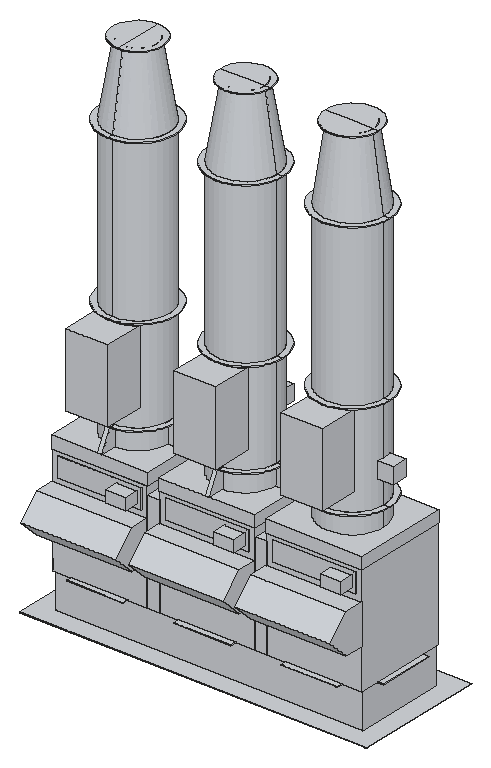
Revit family "TCNHBLE_with_1X3_Mixing_Box", category Mechanical Equipment, Revit 2019
Family settings
  Round Connector Dimension = Use Diameter
  Part Type = Normal
  Work Plane-Based = No
  Always vertical = Yes
  Cut with Voids When Loaded = No
  Shared = No
  Room Calculation Point = No
Parameters (values of type "100_TCNHBLE_1x3")
  Unit Weight [instance] = ""
  TYPE = 24"  # constant formula
  TRIPLE = 78 1/2"
  Sones [instance] = ""
  SIDES [instance] = TYPE = 24"  # yes
  RO/2 = RO / 2  # 8 13/32"
  RO = 16 13/16"
  Nozzle [instance] = ""
  Motor RPM [instance] = ""
  Motor Enclosure [instance] = ""
  ModelID [instance] = ""
  MIXING_BOX_HEIGHT-2.875" = MIXING_BOX_HEIGHT - 2 7/8"  # 27 5/8"
  MIXING_BOX_HEIGHT+1'4" = MIXING_BOX_HEIGHT + 16"  # 46 1/2"
  MIXING_BOX_HEIGHT+1' = MIXING_BOX_HEIGHT + 12"  # 42 1/2"
  MIXING_BOX_HEIGHT+.125" = MIXING_BOX_HEIGHT + 1/8"  # 30 5/8"
  MIXING_BOX_HEIGHT = 30 1/2"
  MB/2 = MIXING_BOX_HEIGHT / 2  # 15 1/4"
  LwA [instance] = ""
  LONG_RO/2 = LONG_RO / 2  # 35 23/32"
  LONG_RO = 71 7/16"
  LONG_CURB = 77 11/16"
  GA = 27/256"
  Fan RPM [instance] = ""
  FAN_RAD+4" = FAN_RAD + 4"  # 12"
  FAN_RAD*.8 = FAN_RAD * 0.6  # 4.8"
  FAN_RAD*.33 = FAN_RAD * 0.66  # 5.28"
  FAN_RAD = FAN_DIA / 2  # 8"
  FAN_DIA-(C/2) = FAN_DIA - (C / 2)  # 4"
  FAN_DIA = 16"
  ENDS [instance] = TYPE = 12"  # no
  CURB_HEIGHT [instance] = 12"
  CURB [instance] = yes
  C+.25" = C + 1/4"  # 24 1/4"
  DUAL_F/2 = DUAL_F / 2  # 25 1/2"
  DUAL_F+.5" = DUAL_F + 1/2"  # 51 1/2"
  DUAL_F = 51"
  D = 34"
  C = 24"
  F-1" = F - 1"  # 19"
  F = 20"
  C/2 = E / 2  # 30"
  E = 60"
  Bypass Damper Actuator = ""
  B/2 = B / 2  # 11 17/32"
  B = 23 1/16"
  Accessories [instance] = ""
  A-C-D = A - E - F + 1"  # 41"
  A = 120"
  5" = 5"  # constant formula
  3.125" = 3 1/8"  # constant formula
  3" = 3"  # constant formula
  Brake Hp [instance] = ""
  4" = 4"  # constant formula
  2' = 24"
  2" = 2"  # constant formula
  135 = 135.00°
  1" = 1"  # constant formula
  0 = 0"  # constant formula
  Voltage [instance] = 0 V
  URL = "www.lorencook.com"
  Type Comments = "Tubular Centrifugal Inline Upblast Roof Mounted Arrangement 9 With 1X3 Mixing Box"  # constant formula
  Static Pressure [instance] = 0.00 in-wg
  Power [instance] = Voltage * Motor FLA * sqrt(if(Phase = 3, 3, 1))  # 0 VA
  Phase [instance] = 0
  Number of Poles [instance] = 1
  Motor Hp [instance] = "0"
  Motor FLA [instance] = 0 A
  Model = "TCNHBLE-1X3_Mixing Box"  # constant formula
  Manufacturer = "Loren Cook Company"
  CFM [instance] = 0 CFM
  1.5 = 1 1/2"  # constant formula
  ONE EIGTH = 1/8"  # constant formula
  -C = -C  # -24"
  -B/2 = -B / 2  # -11 17/32"
  -B = -B  # -23 1/16"
  (C/2)-.5" = (-C / 2) - 1/2"  # -12 1/2"
  (C/2)+.5" = (-C / 2) + 1/2"  # -11 1/2"
  (C/2)+.125" = (C / 2) + 1/8"  # 12 1/8"
  -((E - MIXING_BOX_HEIGHT - 0'  5") * 0.8) = -((E - MIXING_BOX_HEIGHT - 5") * 0.8)  # -19.6"
  ((E - MIXING_BOX_HEIGHT - 0'  5") * 0.8) = ((E - MIXING_BOX_HEIGHT - 5") * 0.8)  # 19.6"
Types (18): name | TRIPLE | RO/2 | RO | MIXING_BOX_HEIGHT-2.875" | MIXING_BOX_HEIGHT+1'4" | MIXING_BOX_HEIGHT+1' | MIXING_BOX_HEIGHT+.125" | MIXING_BOX_HEIGHT | MB/2 | LONG_RO/2 | LONG_RO | LONG_CURB | GA | FAN_RAD+4" | FAN_RAD*.8 | FAN_RAD*.33 | FAN_RAD | FAN_DIA-(C/2) | FAN_DIA | C+.25" | DUAL_F/2 | DUAL_F+.5" | DUAL_F | D | C | F-1" | F | C/2 | E | B/2 | B | A-C-D | A | -C | -B/2 | -B | (C/2)-.5" | (C/2)+.5" | (C/2)+.125" | -((E - MIXING_BOX_HEIGHT - 0'  5") * 0.8) | ((E - MIXING_BOX_HEIGHT - 0'  5") * 0.8)
  (no name) | 78 1/2" | 8 13/32" | 16 13/16" | 27 5/8" | 46 1/2" | 42 1/2" | 30 5/8" | 30 1/2" | 15 1/4" | 35 23/32" | 71 7/16" | 77 11/16" | 27/256" | 12" | 4.8" | 5.28" | 8" | 4" | 16" | 24 1/4" | 25 1/2" | 51 1/2" | 51" | 34" | 24" | 19" | 20" | 30" | 60" | 11 17/32" | 23 1/16" | 41" | 120" | -24" | -11 17/32" | -23 1/16" | -12 1/2" | -11 1/2" | 12 1/8" | -19.6" | 19.6"
  100_TCNHBLE_1x3 | 78 1/2" | 8 13/32" | 16 13/16" | 27 5/8" | 46 1/2" | 42 1/2" | 30 5/8" | 30 1/2" | 15 1/4" | 35 23/32" | 71 7/16" | 77 11/16" | 27/256" | 12" | 4.8" | 5.28" | 8" | 4" | 16" | 24 1/4" | 25 1/2" | 51 1/2" | 51" | 34" | 24" | 19" | 20" | 30" | 60" | 11 17/32" | 23 1/16" | 41" | 120" | -24" | -11 17/32" | -23 1/16" | -12 1/2" | -11 1/2" | 12 1/8" | -19.6" | 19.6"
  120_TCNHBLE_1x3 | 90 1/2" | 10 13/32" | 20 13/16" | 28 5/8" | 47 1/2" | 43 1/2" | 31 5/8" | 31 1/2" | 15 3/4" | 41 23/32" | 83 7/16" | 89 11/16" | 27/256" | 13" | 5.4" | 5.94" | 9" | 4" | 18" | 28 1/4" | 29 1/2" | 59 1/2" | 59" | 38" | 28" | 21" | 22" | 31" | 62" | 13 17/32" | 27 1/16" | 37" | 120" | -28" | -13 17/32" | -27 1/16" | -14 1/2" | -13 1/2" | 14 1/8" | -20.4" | 20.4"
  135_TCNHBLE_1x3 | 96 1/2" | 11 3/8" | 22 3/4" | 28 7/8" | 47 3/4" | 43 3/4" | 31 7/8" | 31 3/4" | 15 7/8" | 44 11/16" | 89 3/8" | 95 5/8" | 27/256" | 14 1/2" | 6.3" | 6.93" | 10 1/2" | 6" | 21" | 30 1/4" | 31 1/2" | 63 1/2" | 63" | 40" | 30" | 25" | 26" | 31 1/2" | 63" | 14 1/2" | 29" | 32" | 120" | -30" | -14 1/2" | -29" | -15 1/2" | -14 1/2" | 15 1/8" | -21" | 21"
  150_TCNHBLE_1x3 | 102 1/2" | 12 3/8" | 24 3/4" | 29 5/8" | 48 1/2" | 44 1/2" | 32 5/8" | 32 1/2" | 16 1/4" | 47 11/16" | 95 3/8" | 101 5/8" | 27/256" | 16" | 7.2" | 7.92" | 12" | 8" | 24" | 32 1/4" | 33 1/2" | 67 1/2" | 67" | 42" | 32" | 28" | 29" | 33 1/2" | 67" | 15 1/2" | 31" | 25" | 120" | -32" | -15 1/2" | -31" | -16 1/2" | -15 1/2" | 16 1/8" | -23.6" | 23.6"
  165_TCNHBLE_1x3 | 108 1/2" | 13 3/8" | 26 3/4" | 31 1/8" | 50" | 46" | 34 1/8" | 34" | 17" | 50 11/16" | 101 3/8" | 107 5/8" | 27/256" | 17" | 7.8" | 8.58" | 13" | 9" | 26" | 34 1/4" | 35 1/2" | 71 1/2" | 71" | 46" | 34" | 29" | 30" | 35" | 70" | 16 1/2" | 33" | 21" | 120" | -34" | -16 1/2" | -33" | -17 1/2" | -16 1/2" | 17 1/8" | -24.8" | 24.8"
  180_TCNHBLE_1x3 | 120 1/2" | 15 5/16" | 30 5/8" | 32 1/8" | 51" | 47" | 35 1/8" | 35" | 17 1/2" | 56 5/8" | 113 1/4" | 119 1/2" | 27/256" | 18" | 8.4" | 9.24" | 14" | 9" | 28" | 38 1/4" | 39 1/2" | 79 1/2" | 79" | 50" | 38" | 34" | 35" | 36 1/2" | 73" | 18 7/16" | 36 7/8" | 13" | 120" | -38" | -18 7/16" | -36 7/8" | -19 1/2" | -18 1/2" | 19 1/8" | -26.4" | 26.4"
  195_TCNHBLE_1X3 | 132 1/2" | 17 11/32" | 34 11/16" | 32 7/8" | 51 3/4" | 47 3/4" | 35 7/8" | 35 3/4" | 17 7/8" | 62 5/8" | 125 1/4" | 131 1/2" | 27/256" | 19 1/2" | 9.3" | 10.23" | 15 1/2" | 10" | 31" | 42 1/4" | 43 1/2" | 87 1/2" | 87" | 54" | 42" | 38" | 39" | 38" | 76" | 20 7/16" | 40 7/8" | 6" | 120" | -42" | -20 7/16" | -40 7/8" | -21 1/2" | -20 1/2" | 21 1/8" | -28.2" | 28.2"
  210_TCNHBLE_1x3 | 138 1/2" | 18 11/32" | 36 11/16" | 31 5/8" | 50 1/2" | 46 1/2" | 34 5/8" | 34 1/2" | 17 1/4" | 65 5/8" | 131 1/4" | 137 1/2" | 27/256" | 21" | 10.2" | 11.22" | 17" | 12" | 34" | 44 1/4" | 45 1/2" | 91 1/2" | 91" | 56" | 44" | 41" | 42" | 38" | 76" | 21 7/16" | 42 7/8" | 7" | 124" | -44" | -21 7/16" | -42 7/8" | -22 1/2" | -21 1/2" | 22 1/8" | -29.2" | 29.2"
  225_TCNHBLE_1x3 | 150 1/2" | 20 11/32" | 40 11/16" | 32 3/8" | 51 1/4" | 47 1/4" | 35 3/8" | 35 1/4" | 17 5/8" | 71 5/8" | 143 1/4" | 149 1/2" | 27/256" | 22" | 10.8" | 11.88" | 18" | 12" | 36" | 48 1/4" | 49 1/2" | 99 1/2" | 99" | 60" | 48" | 43" | 44" | 39" | 78" | 23 7/16" | 46 7/8" | 1/2" | 121 1/2" | -48" | -23 7/16" | -46 7/8" | -24 1/2" | -23 1/2" | 24 1/8" | -30.2" | 30.2"
  245_TCNHBLE_1x3 | 156 1/2" | 21 11/32" | 42 11/16" | 34 5/8" | 53 1/2" | 49 1/2" | 37 5/8" | 37 1/2" | 18 3/4" | 74 5/8" | 149 1/4" | 155 1/2" | 27/256" | 24" | 12" | 13.2" | 20" | 15" | 40" | 50 1/4" | 51 1/2" | 103 1/2" | 103" | 63" | 50" | 49" | 50" | 42 1/2" | 85" | 24 7/16" | 48 7/8" | 1" | 135" | -50" | -24 7/16" | -48 7/8" | -25 1/2" | -24 1/2" | 25 1/8" | -34" | 34"
  270_TCNHBLE_1x3 | 168 1/2" | 23 11/32" | 46 11/16" | 34 5/8" | 53 1/2" | 49 1/2" | 37 5/8" | 37 1/2" | 18 3/4" | 80 5/8" | 161 1/4" | 167 1/2" | 27/256" | 26" | 13.2" | 14.52" | 22" | 17" | 44" | 54 1/4" | 55 1/2" | 111 1/2" | 111" | 67" | 54" | 55" | 56" | 45 1/2" | 91" | 26 7/16" | 52 7/8" | 3/4" | 146 3/4" | -54" | -26 7/16" | -52 7/8" | -27 1/2" | -26 1/2" | 27 1/8" | -38.8" | 38.8"
  300_TCNHBLE_1x3 | 186 1/2" | 26 11/32" | 52 11/16" | 35 3/8" | 54 1/4" | 50 1/4" | 38 3/8" | 38 1/4" | 19 1/8" | 89 5/8" | 179 1/4" | 185 1/2" | 27/256" | 28" | 14.4" | 15.84" | 24" | 18" | 48" | 60 1/4" | 61 1/2" | 123 1/2" | 123" | 74" | 60" | 59" | 60" | 46 1/2" | 93" | 29 7/16" | 58 7/8" | 1" | 153" | -60" | -29 7/16" | -58 7/8" | -30 1/2" | -29 1/2" | 30 1/8" | -39.8" | 39.8"
  330_TCNHBLE_1x3 | 192 1/2" | 27 9/32" | 54 9/16" | 38 5/8" | 57 1/2" | 53 1/2" | 41 5/8" | 41 1/2" | 20 3/4" | 92 9/16" | 185 1/8" | 191 3/8" | 27/256" | 30" | 15.6" | 17.16" | 26" | 21" | 52" | 62 1/4" | 63 1/2" | 127 1/2" | 127" | 77" | 62" | 63" | 64" | 50" | 100" | 30 3/8" | 60 3/4" | 1 1/4" | 164 1/4" | -62" | -30 3/8" | -60 3/4" | -31 1/2" | -30 1/2" | 31 1/8" | -42.8" | 42.8"
  365_TCNHBLE_1x3 | 201 1/2" | 28 25/32" | 57 9/16" | 41 3/8" | 60 1/4" | 56 1/4" | 44 3/8" | 44 1/4" | 22 1/8" | 97 1/16" | 194 1/8" | 200 3/8" | 27/256" | 31" | 16.2" | 17.82" | 27" | 21 1/2" | 54" | 65 1/4" | 66 1/2" | 133 1/2" | 133" | 82" | 65" | 64" | 65" | 52 1/2" | 105" | 31 7/8" | 63 3/4" | 1" | 170" | -65" | -31 7/8" | -63 3/4" | -33" | -32" | 32 5/8" | -44.6" | 44.6"
  402_TCNHBLE_1x3 | 222 1/2" | 32 9/32" | 64 9/16" | 43 5/8" | 62 1/2" | 58 1/2" | 46 5/8" | 46 1/2" | 23 1/4" | 107 9/16" | 215 1/8" | 221 3/8" | 27/256" | 34" | 18" | 19.8" | 30" | 24" | 60" | 72 1/4" | 73 1/2" | 147 1/2" | 147" | 90" | 72" | 71" | 72" | 56 1/2" | 113" | 35 3/8" | 70 3/4" | 3/4" | 184 3/4" | -72" | -35 3/8" | -70 3/4" | -36 1/2" | -35 1/2" | 36 1/8" | -49.2" | 49.2"
  445_TCNHBLE_1x3 | 237 1/2" | 34 25/32" | 69 9/16" | 50 3/8" | 69 1/4" | 65 1/4" | 53 3/8" | 53 1/4" | 26 5/8" | 115 1/16" | 230 1/8" | 236 3/8" | 27/256" | 37" | 19.8" | 21.78" | 33" | 27 1/2" | 66" | 77 1/4" | 78 1/2" | 157 1/2" | 157" | 98" | 77" | 79" | 80" | 63" | 126" | 37 7/8" | 75 3/4" | 1" | 206" | -77" | -37 7/8" | -75 3/4" | -39" | -38" | 38 5/8" | -54.2" | 54.2"
  490_TCNHBLE_1x3 | 258 1/2" | 38 1/4" | 76 1/2" | 56 3/8" | 75 1/4" | 71 1/4" | 59 3/8" | 59 1/4" | 29 5/8" | 125 9/16" | 251 1/8" | 257 3/8" | 17/128" | 40 1/2" | 21.9" | 24.09" | 36 1/2" | 31" | 73" | 84 1/4" | 85 1/2" | 171 1/2" | 171" | 108" | 84" | 86" | 87" | 69 1/2" | 139" | 41 3/8" | 82 3/4" | 1/2" | 225 1/2" | -84" | -41 3/8" | -82 3/4" | -42 1/2" | -41 1/2" | 42 1/8" | -59.8" | 59.8"
Reference planes (in)
  plane 1 "Center (Front/Back)": y = 0
  plane 2: z = 0
  plane 3 "Center (Left/Right)": x = 0.40541
Forms (in)
  Extrusion 1, solid
    sketch origin (0, 0, 0) x (1, 0, 0) y (0, 1, 0)
      loop
        line (-11.71959, 12.125) -> (-11.71959, -12.125) -> (12.53041, -12.125) -> (12.53041, 12.125) -> (-11.71959, 12.125)
      loop
        line (15.53041, 12.125) -> (15.53041, -12.125) -> (39.78041, -12.125) -> (39.78041, 12.125) -> (15.53041, 12.125)
      loop
        line (42.53041, 12.125) -> (42.53041, -12.125) -> (66.78041, -12.125) -> (66.78041, 12.125) -> (42.53041, 12.125)
    from 30.625 <- "MIXING_BOX_HEIGHT+.125"" to 27.625 <- "MIXING_BOX_HEIGHT-2.875""
  Extrusion 2, solid
    sketch origin (0, 0, 30.625) x (1, 0, 0) y (0, 1, 0)
      loop
        circle (0.40541, 0) r 8
      loop
        circle (27.65541, 0) r 8
      loop
        circle (54.65541, 0) r 8
    from 5 to 0
  Extrusion 3, solid
    sketch origin (0, 0, 0) x (1, 0, 0) y (0, 0, 1)
      loop
        line (-11.71959, 30.625) -> (-7.59459, 30.625) -> (-7.59459, 35.625) -> (-9.09459, 35.625) -> (-11.71959, 30.625)
      loop
        line (12.53041, 30.625) -> (9.90541, 35.625) -> (8.40541, 35.625) -> (8.40541, 30.625) -> (12.53041, 30.625)
    from -0.5 to 0.5
  Extrusion 4, solid
    sketch origin (0.40541, 0, 0) x (0, 1, 0) y (0, 0, 1)
      loop
        line (12.125, 30.625) -> (9.5, 35.625) -> (8, 35.625) -> (8, 30.625) -> (12.125, 30.625)
      loop
        line (-12.125, 30.625) -> (-8, 30.625) -> (-8, 35.625) -> (-9.5, 35.625) -> (-12.125, 30.625)
    from -0.5 to 0.5
  Revolve 5, solid
    sketch origin (0.40541, 0, 0) x (0, 1, 0) y (0, 0, 1)
      loop
        line (0, 35.625) -> (0, 120) -> (-6.3, 120) -> (-6.3, 119.875) -> (-4.8, 119.875) -> (-8, 101.125) -> (-9.5, 101.125) -> (-9.5, 101) -> (-8, 101) -> (-8, 60) -> (-9.5, 60) -> (-9.5, 59.875) -> (-8, 59.875) -> (-8, 35.75) -> (-9.5, 35.75) -> (-9.5, 35.625) -> (0, 35.625)
      axis (0, 35.625) -> (0, 120)
    angle from 0 to 360
  Extrusion 6, solid
    sketch origin (0, 0, 0) x (1, 0, 0) y (0, 1, 0)
      loop
        line (-11.59459, 12) -> (-11.59459, -12) -> (12.40541, -12) -> (12.40541, 12) -> (-11.59459, 12)
      loop
        line (15.65541, 12) -> (15.65541, -12) -> (39.65541, -12) -> (39.65541, 12) -> (15.65541, 12)
      loop
        line (42.65541, 12) -> (42.65541, -12) -> (66.65541, -12) -> (66.65541, 12) -> (42.65541, 12)
    from 27.625 <- "MIXING_BOX_HEIGHT-2.875"" to 0
  Extrusion 7, void
    sketch origin (0, 0, 0) x (1, 0, 0) y (0, 1, 0)
      loop
        line (-11.46959, 11.875) -> (-11.46959, -11.875) -> (12.28041, -11.875) -> (12.28041, 11.875) -> (-11.46959, 11.875)
      loop
        line (15.78041, 11.875) -> (15.78041, -11.875) -> (39.53041, -11.875) -> (39.53041, 11.875) -> (15.78041, 11.875)
      loop
        line (42.78041, 11.875) -> (42.78041, -11.875) -> (66.53041, -11.875) -> (66.53041, 11.875) -> (42.78041, 11.875)
    from 2.875 to 0
  Extrusion 8, solid
    sketch origin (0, 0, 0) x (1, 0, 0) y (0, 1, 0)
      loop
        line (-6.71959, 13.625) -> (-6.71959, 12.125) -> (7.53041, 12.125) -> (7.53041, 13.625) -> (-6.71959, 13.625)
      loop
        line (7.53041, -12) -> (-6.71959, -12) -> (-6.71959, -13.5) -> (7.53041, -13.5) -> (7.53041, -12)
      loop
        line (-11.59459, -7.125) -> (-11.59459, 7.125) -> (-13.09459, 7.125) -> (-13.09459, -7.125) -> (-11.59459, -7.125)
      loop
        line (20.53041, 13.625) -> (20.53041, 12.125) -> (34.78041, 12.125) -> (34.78041, 13.625) -> (20.53041, 13.625)
      loop
        line (34.78041, -12.125) -> (20.53041, -12.125) -> (20.53041, -13.625) -> (34.78041, -13.625) -> (34.78041, -12.125)
      loop
        line (47.53041, 13.625) -> (47.53041, 12.125) -> (61.78041, 12.125) -> (61.78041, 13.625) -> (47.53041, 13.625)
      loop
        line (47.53041, -12.125) -> (47.53041, -13.625) -> (61.78041, -13.625) -> (61.78041, -12.125) -> (47.53041, -12.125)
      loop
        line (66.78041, -7.125) -> (68.28041, -7.125) -> (68.28041, 7.125) -> (66.78041, 7.125) -> (66.78041, -7.125)
    from 0 to 0.125
  Revolve 9, solid
    sketch origin (0, 0, 0) x (1, 0, 0) y (0, 0, 1)
      loop
        line (27.65541, 35.625) -> (37.15541, 35.625) -> (37.15541, 35.75) -> (35.65541, 35.75) -> (35.65541, 59.875) -> (37.15541, 59.875) -> (37.15541, 60) -> (35.65541, 60) -> (35.65541, 101) -> (37.15541, 101) -> (37.15541, 101.125) -> (35.65541, 101.125) -> (32.45541, 119.875) -> (33.95541, 119.875) -> (33.95541, 120) -> (27.65541, 120) -> (27.65541, 35.625)
      axis (27.65541, 120) -> (27.65541, 35.625)
    angle from 0 to 360
  Extrusion 10, solid
    sketch origin (0, 0, 0) x (1, 0, 0) y (0, 0, 1)
      loop
        line (15.53041, 30.625) -> (19.65541, 30.625) -> (19.65541, 35.625) -> (18.15541, 35.625) -> (15.53041, 30.625)
      loop
        line (35.65541, 30.625) -> (39.78041, 30.625) -> (37.15541, 35.625) -> (35.65541, 35.625) -> (35.65541, 30.625)
    from -0.5 to 0.5
  Extrusion 11, solid
    sketch origin (39.78041, 12.125, 0) x (0, -1, 0) y (0, 0, -1)
      loop
        line (24.25, -30.625) -> (20.125, -30.625) -> (20.125, -35.625) -> (21.625, -35.625) -> (24.25, -30.625)
      loop
        line (0, -30.625) -> (2.625, -35.625) -> (4.125, -35.625) -> (4.125, -30.625) -> (0, -30.625)
    from -11.5 <- "(C/2)+.5"" to -12.5 <- "(C/2)-.5""
  Extrusion 12, solid
    sketch origin (39.65541, -12, 0) x (-1, 0, 0) y (0, 0, -1)
      loop
        line (27.25, -25.625) -> (27.25, 0) -> (24, 0) -> (24, -25.625) -> (27.25, -25.625)
      loop
        line (0, -25.625) -> (0, 0) -> (-3, 0) -> (-3, -25.625) -> (0, -25.625)
    from -24 <- "-C" to 0
  Extrusion 13, void
    sketch origin (0, 0, 0) x (1, 0, 0) y (0, 1, 0)
      loop
        line (11.40541, 8.875) -> (16.65541, 8.875) -> (16.65541, 11.875) -> (11.40541, 11.875) -> (11.40541, 8.875)
      loop
        line (11.40541, -8.875) -> (11.40541, -11.875) -> (16.65541, -11.875) -> (16.65541, -8.875) -> (11.40541, -8.875)
    from 2.875 to 0
  Extrusion 14, solid, visible <- "SIDES"
    sketch origin (0.40541, 0, 59.875) x (-1, 0, 0) y (0, 1, 0)
      loop
        line (-5.28, -6.01012) -> (-5.28, -16) -> (5.28, -16) -> (5.28, -6.01012)
        arc (5.28, -6.01012) -> (0, -8) -> (-5.28, -6.01012) r 8
      loop
        line (-32.53, -6.01012) -> (-32.53, -16) -> (-21.97, -16) -> (-21.97, -6.01012)
        arc (-21.97, -6.01012) -> (-27.25, -8) -> (-32.53, -6.01012) r 8
      loop
        arc (-48.97, -6.01012) -> (-54.25, -8) -> (-59.53, -6.01012) r 8
        line (-59.53, -6.01012) -> (-59.53, -16) -> (-48.97, -16) -> (-48.97, -6.01012)
    from 19.6 <- "((E - MIXING_BOX_HEIGHT - 0'  5") * 0.8)" to 1
  Extrusion 15, solid, visible <- "SIDES"
    sketch origin (-11.59459, -12, 0) x (0, 1, 0) y (0, 0, -1)
      loop
        line (0, -20.25) -> (0, -10.25) -> (-5, -10.25) -> (-10, -15.25) -> (-5, -20.25) -> (0, -20.25)
    from -24 <- "-C" to 0
  Extrusion 16, solid, visible <- "SIDES"
    sketch origin (39.65541, 12, 0) x (0, -1, 0) y (0, 0, -1)
      loop
        line (24, -20.25) -> (29, -20.25) -> (34, -15.25) -> (29, -10.25) -> (24, -10.25) -> (24, -20.25)
    from -24 <- "-C" to 0
  Revolve 17, solid
    sketch origin (0, 0, 0) x (1, 0, 0) y (0, 0, 1)
      loop
        line (54.65541, 35.625) -> (64.15541, 35.625) -> (64.15541, 35.75) -> (62.65541, 35.75) -> (62.65541, 59.75) -> (64.15541, 59.75) -> (64.15541, 59.875) -> (62.65541, 59.875) -> (62.65541, 101) -> (64.15541, 101) -> (64.15541, 101.125) -> (62.65541, 101.125) -> (59.93541, 119.875) -> (61.43541, 119.875) -> (61.43541, 120) -> (54.65541, 120) -> (54.65541, 35.625)
      axis (54.65541, 120) -> (54.65541, 35.625)
    angle from 0 to 360
  Extrusion 18, solid
    sketch origin (66.65541, 12, 0) x (0, -1, 0) y (0, 0, -1)
      loop
        line (24, -20.25) -> (29, -20.25) -> (34, -15.25) -> (29, -10.25) -> (24, -10.25) -> (24, -20.25)
    from -24 <- "-C" to 0
  Extrusion 19, void
    sketch origin (0, 0, 0) x (1, 0, 0) y (0, 1, 0)
      loop
        line (38.65541, 11.875) -> (38.65541, 9) -> (43.65541, 9) -> (43.65541, 11.875) -> (38.65541, 11.875)
      loop
        line (38.65541, -9) -> (38.65541, -11.875) -> (43.53041, -11.875) -> (43.53041, -9) -> (38.65541, -9)
    from 2.875 to 0
  Extrusion 20, solid
    sketch origin (66.65541, -12, 0) x (-1, 0, 0) y (0, 0, -1)
      loop
        line (22.5, -26.625) -> (22.5, -21.625) -> (1.5, -21.625) -> (1.5, -26.625) -> (22.5, -26.625)
      loop
        line (28.5, -26.625) -> (49.5, -26.625) -> (49.5, -21.625) -> (28.5, -21.625) -> (28.5, -26.625)
      loop
        line (55.75, -26.625) -> (76.75, -26.625) -> (76.75, -21.625) -> (55.75, -21.625) -> (55.75, -26.625)
    from 0.125 to 0
  Extrusion 21, solid
    sketch origin (66.65541, -12.125, 0) x (-1, 0, 0) y (0, 0, -1)
      loop
        line (61.75, -25.625) -> (61.75, -22.625) -> (56.75, -22.625) -> (56.75, -25.625) -> (61.75, -25.625)
      loop
        line (34.5, -22.625) -> (29.5, -22.625) -> (29.5, -25.625) -> (34.5, -25.625) -> (34.5, -22.625)
      loop
        line (7.5, -22.625) -> (2.5, -22.625) -> (2.5, -25.625) -> (7.5, -25.625) -> (7.5, -22.625)
    from 3.5 to 0
  Extrusion 22, solid
    sketch origin (0, 0, 0) x (1, 0, 0) y (0, 1, 0)
      loop
        line (-11.59459, 2) -> (-11.59459, -2) -> (-7.59459, -2) -> (-7.59459, 2) -> (-11.59459, 2)
      loop
        line (25.28041, 12) -> (25.28041, 8) -> (30.28041, 8) -> (30.28041, 12) -> (25.28041, 12)
      loop
        line (62.65541, 2) -> (62.65541, -2) -> (66.65541, -2) -> (66.65541, 2) -> (62.65541, 2)
    from 46.5 <- "MIXING_BOX_HEIGHT+1'4"" to 42.5 <- "MIXING_BOX_HEIGHT+1'"
  Extrusion 23, solid, visible <- "CURB"
    sketch origin (0, 0, 2.875) x (0, 1, 0) y (1, 0, 0)
      loop
        line (8.40625, -8.00084) -> (8.40625, 63.43666) -> (-8.40625, 63.43666) -> (-8.40625, -8.00084) -> (8.40625, -8.00084)
      loop
        line (-11.53125, 66.56166) -> (-11.53125, -11.12584) -> (11.53125, -11.12584) -> (11.53125, 66.56166) -> (-11.53125, 66.56166)
    from 0 to 12 <- "CURB_HEIGHT"
  Extrusion 24, solid, visible <- "CURB"
    sketch origin (0, 0, -9.125) x (-1, 0, 0) y (0, 1, 0)
      loop
        line (11.12584, -11.53125) -> (11.12584, 11.53125) -> (-66.56166, 11.53125) -> (-66.56166, -11.53125) -> (11.12584, -11.53125)
      loop
        line (-71.56166, 16.53125) -> (-71.56166, -16.53125) -> (16.12584, -16.53125) -> (16.12584, 16.53125) -> (-71.56166, 16.53125)
    from 0 to -0.125
Cuts and joins
  Extrusion 7, Extrusion 13, Extrusion 19 cuts Extrusion 6
  Extrusion 13, Extrusion 19 cuts Extrusion 8
  Extrusion 13, Extrusion 19 cuts Extrusion 12
Dimensions and locks (in)
  "(C/2)+.125"": Extrusion 1 sketch curve to plane 3 "Center (Left/Right)"
  "(C/2)+.125"": plane 3 "Center (Left/Right)" to Extrusion 1 sketch curve
  "(C/2)+.125"": plane 1 "Center (Front/Back)" to Extrusion 1 sketch curve  (x3)
  "(C/2)+.125"": Extrusion 1 sketch curve to plane 1 "Center (Front/Back)"  (x3)
  "0": plane 3 "Center (Left/Right)" to Extrusion 2 sketch curve
  "0": Extrusion 2 sketch curve to plane 1 "Center (Front/Back)"  (x2)
  "0": Extrusion 2 to Extrusion 3 sketch curve
  "0": Extrusion 3 sketch curve to Extrusion 2  (x3)
  "FAN_RAD": plane 1 "Center (Front/Back)" to Extrusion 4 sketch curve
  "FAN_RAD": Extrusion 4 sketch curve to plane 1 "Center (Front/Back)"
  "0": Revolve 5 sketch curve to Extrusion 2
  "ONE EIGTH": Revolve 5 sketch curve to Revolve 5 sketch curve  (x4)
  "F-1"": Revolve 5 sketch curve to Revolve 5 sketch curve
  "A": Revolve 5 sketch curve to level
  "E": Revolve 5 sketch curve to level
  "0": Revolve 5 sketch curve to Extrusion 4
  "0": Revolve 5 sketch curve to Revolve 5 sketch curve  (x3)
  "1.5": Revolve 5 sketch curve to Revolve 5 sketch curve  (x2)
  "FAN_RAD*.8": plane 1 "Center (Front/Back)" to Revolve 5 sketch curve
  "0": Revolve 5 sketch curve to plane 1 "Center (Front/Back)"
  "1.5": Extrusion 4 sketch curve to Extrusion 4 sketch curve  (x2)
  "1.5": Extrusion 3 sketch curve to Extrusion 3 sketch curve  (x2)
  "ONE EIGTH": Extrusion 6 sketch curve to Extrusion 1  (x8)
  "ONE EIGTH": Extrusion 1 to Extrusion 6 sketch curve  (x4)
  "0": Extrusion 3 sketch curve to Extrusion 1  (x2)
  "0": Extrusion 4 sketch curve to Extrusion 1  (x3)
  "0": Extrusion 1 to Extrusion 4 sketch curve
  Extrusion 4 sketch curve to Extrusion 1 = 5"
  "5"": Extrusion 4 sketch curve to Extrusion 1
  "ONE EIGTH": Extrusion 7 sketch curve to Extrusion 6  (x3)
  "ONE EIGTH": Extrusion 6 to Extrusion 7 sketch curve
  "1.5": Extrusion 8 sketch curve to Extrusion 8 sketch curve  (x8)
  "5"": Extrusion 1 to Extrusion 8 sketch curve  (x8)
  "5"": Extrusion 8 sketch curve to Extrusion 1  (x8)
  "0": Extrusion 8 sketch curve to cut or joined group of Extrusion 6, Extrusion 7, Extrusion 13, Extrusion 19  (x2)
  "0": Extrusion 8 sketch curve to Extrusion 1  (x4)
  "C+.25"": Extrusion 1 sketch curve to Extrusion 1 sketch curve  (x2)
  "DUAL_F+.5"": Extrusion 1 sketch curve to Extrusion 1 sketch curve
  "ONE EIGTH": cut or joined group of Extrusion 6, Extrusion 7, Extrusion 13, Extrusion 19 to Extrusion 7 sketch curve  (x5)
  "ONE EIGTH": Extrusion 7 sketch curve to cut or joined group of Extrusion 6, Extrusion 7, Extrusion 13, Extrusion 19  (x3)
  "(C/2)+.125"": Extrusion 1 to Extrusion 2 sketch curve  (x2)
  "(C/2)+.125"": Extrusion 1 to Revolve 9 sketch curve
  "(C/2)+.125"": Revolve 9 sketch curve to Extrusion 1
  "0": Revolve 9 sketch curve to Extrusion 2
  "ONE EIGTH": Revolve 9 sketch curve to Revolve 9 sketch curve  (x4)
  "FAN_RAD": Revolve 9 sketch curve to Revolve 9 sketch curve
  "1.5": Revolve 9 sketch curve to Revolve 9 sketch curve  (x4)
  "0": Revolve 9 sketch curve to Revolve 9 sketch curve  (x2)
  "0": Revolve 5 to Revolve 9 sketch curve  (x3)
  "FAN_RAD*.8": Revolve 9 sketch curve to Revolve 9 sketch curve
  "0": Extrusion 1 to Extrusion 8 sketch curve  (x2)
  "0": Extrusion 10 sketch curve to Extrusion 1  (x4)
  "0": Extrusion 10 sketch curve to Revolve 9  (x4)
  "1.5": Extrusion 10 sketch curve to Extrusion 10 sketch curve  (x2)
  "0": Extrusion 11 sketch curve to Extrusion 4  (x3)
  "0": Extrusion 1 to Extrusion 11 sketch curve  (x2)
  "0": Extrusion 4 to Extrusion 11 sketch curve
  "0": Revolve 9 to Extrusion 11 sketch curve
  "0": Extrusion 11 sketch curve to Revolve 9
  "0": cut or joined group of Extrusion 6, Extrusion 7, Extrusion 13, Extrusion 19 to Extrusion 12 sketch curve
  "0": Extrusion 12 sketch curve to cut or joined group of Extrusion 6, Extrusion 7, Extrusion 13, Extrusion 19  (x3)
  "2"": cut or joined group of Extrusion 6, Extrusion 7, Extrusion 13, Extrusion 19 to Extrusion 12 sketch curve
  "0": level to Extrusion 12 sketch curve
  "3"": Extrusion 13 sketch curve to Extrusion 13 sketch curve  (x2)
  "1"": cut or joined group of Extrusion 6, Extrusion 7, Extrusion 13, Extrusion 19 to Extrusion 13 sketch curve
  "1"": Extrusion 13 sketch curve to cut or joined group of Extrusion 6, Extrusion 7, Extrusion 13, Extrusion 19
  "0": Extrusion 13 sketch curve to Extrusion 13 sketch curve  (x2)
  "ONE EIGTH": Extrusion 12 to Extrusion 13 sketch curve  (x2)
  "0": Extrusion 14 sketch curve to plane 1 "Center (Front/Back)"  (x3)
  "0": Extrusion 14 sketch curve to plane 3 "Center (Left/Right)"
  "(C/2)+.125"": Extrusion 1 to Extrusion 14 sketch curve
  "FAN_RAD*.33": Extrusion 14 sketch curve to Extrusion 14 sketch curve  (x4)
  "FAN_RAD*.33": plane 3 "Center (Left/Right)" to Extrusion 14 sketch curve
  "FAN_RAD*.33": Extrusion 14 sketch curve to plane 3 "Center (Left/Right)"
  "FAN_DIA": Extrusion 14 sketch curve to plane 1 "Center (Front/Back)"  (x2)
  "D": cut or joined group of Extrusion 6, Extrusion 7, Extrusion 13, Extrusion 19 to Extrusion 15 sketch curve
  "0": cut or joined group of Extrusion 6, Extrusion 7, Extrusion 13, Extrusion 19 to Extrusion 15 sketch curve
  "MB/2": Extrusion 15 sketch curve to level
  "5"": Extrusion 15 sketch curve to Extrusion 15 sketch curve  (x2)
  "0": Extrusion 16 sketch curve to Extrusion 15  (x4)
  "0": Extrusion 16 sketch curve to cut or joined group of Extrusion 6, Extrusion 7, Extrusion 13, Extrusion 19
  "TRIPLE": Extrusion 1 sketch curve to Extrusion 1 sketch curve
  "0": plane 1 "Center (Front/Back)" to Extrusion 2 sketch curve
  "0": Extrusion 12 sketch curve to level
  "2"": Extrusion 1 to Extrusion 12 sketch curve
  "(C/2)+.125"": Extrusion 1 to Revolve 17 sketch curve  (x2)
  "FAN_RAD": Revolve 17 sketch curve to Revolve 17 sketch curve  (x2)
  "1.5": Revolve 17 sketch curve to Revolve 17 sketch curve  (x5)
  "FAN_RAD*.33": Revolve 17 sketch curve to Revolve 17 sketch curve
  "ONE EIGTH": Revolve 17 sketch curve to Revolve 17 sketch curve  (x4)
  "0": Revolve 9 to Revolve 17 sketch curve  (x2)
  "0": Revolve 17 sketch curve to Revolve 9
  "0": Revolve 17 sketch curve to Extrusion 2
  "(C/2)+.125"": Extrusion 14 sketch curve to Extrusion 1
  "FAN_DIA": Extrusion 14 sketch curve to Extrusion 14 sketch curve
  "0": Extrusion 18 sketch curve to Extrusion 16  (x4)
  "0": Extrusion 18 sketch curve to cut or joined group of Extrusion 6, Extrusion 7, Extrusion 13, Extrusion 19
  "ONE EIGTH": cut or joined group of Extrusion 12, Extrusion 13, Extrusion 19 to Extrusion 19 sketch curve  (x2)
  "1"": Extrusion 19 sketch curve to cut or joined group of Extrusion 6, Extrusion 7, Extrusion 13, Extrusion 19  (x2)
  "1"": cut or joined group of Extrusion 6, Extrusion 7, Extrusion 13, Extrusion 19 to Extrusion 19 sketch curve
  "3"": cut or joined group of Extrusion 12, Extrusion 13, Extrusion 19 to Extrusion 19 sketch curve  (x2)
  "1"": Extrusion 1 to Extrusion 19 sketch curve
  "5"": Extrusion 20 sketch curve to Extrusion 20 sketch curve  (x3)
  "1"": cut or joined group of Extrusion 6, Extrusion 7, Extrusion 13, Extrusion 19 to Extrusion 20 sketch curve  (x3)
  "1.5": cut or joined group of Extrusion 6, Extrusion 7, Extrusion 13, Extrusion 19 to Extrusion 20 sketch curve  (x2)
  "1.5": Extrusion 20 sketch curve to cut or joined group of Extrusion 12, Extrusion 13, Extrusion 19  (x2)
  "1.5": cut or joined group of Extrusion 12, Extrusion 13, Extrusion 19 to Extrusion 20 sketch curve  (x2)
  "1"": Extrusion 20 to Extrusion 21 sketch curve  (x6)
  "1"": Extrusion 21 sketch curve to Extrusion 20  (x3)
  "5"": Extrusion 21 sketch curve to Extrusion 21 sketch curve  (x3)
  "FAN_RAD": Extrusion 22 sketch curve to plane 3 "Center (Left/Right)"
  "FAN_RAD+4"": Extrusion 22 sketch curve to plane 3 "Center (Left/Right)"
  "2"": Extrusion 22 sketch curve to plane 1 "Center (Front/Back)"  (x2)
  "2"": plane 1 "Center (Front/Back)" to Extrusion 22 sketch curve  (x2)
  "2"": Extrusion 11 to Extrusion 22 sketch curve
  "2"": Extrusion 22 sketch curve to Extrusion 11
  "FAN_RAD": plane 1 "Center (Front/Back)" to Extrusion 22 sketch curve
  "FAN_RAD+4"": plane 1 "Center (Front/Back)" to Extrusion 22 sketch curve
  "0": Revolve 17 to Extrusion 22 sketch curve
  "4"": Revolve 17 to Extrusion 22 sketch curve
  "3.125"": Extrusion 23 sketch curve to Extrusion 23 sketch curve  (x4)
  "RO/2": Extrusion 23 sketch curve to plane 3 "Center (Left/Right)"
  "LONG_RO": Extrusion 23 sketch curve to Extrusion 23 sketch curve
  "RO/2": plane 1 "Center (Front/Back)" to Extrusion 23 sketch curve
  "RO/2": Extrusion 23 sketch curve to plane 1 "Center (Front/Back)"
  "5"": Extrusion 24 sketch curve to Extrusion 24 sketch curve  (x4)
  "0": Extrusion 24 sketch curve to Extrusion 23  (x3)
  "0": Extrusion 23 to Extrusion 24 sketch curve
  "FAN_RAD": radius of Extrusion 2 sketch curve  (x3)
  "FAN_RAD": radius of Extrusion 14 sketch curve  (x3)
  "135": angle Extrusion 15 sketch curve to Extrusion 15 sketch curve  (x2)
Automatic sketch dimensions
  Revolve 5 sketch curve to plane 1 "Center (Front/Back)" = 0"
  Revolve 5 sketch curve to level = 0"
  Revolve 5 sketch curve to Revolve 5 sketch curve = 0"
  Revolve 5 sketch curve to Revolve 5 sketch curve = 9"
  Extrusion 3 sketch curve to Extrusion 3 sketch curve = 5"  (x2)
  Revolve 9 sketch curve to Revolve 9 sketch curve = 23"
  Revolve 9 sketch curve to Revolve 9 sketch curve = 0"
  Revolve 17 sketch curve to Revolve 17 sketch curve = 15.63417"
  Revolve 17 sketch curve to Revolve 17 sketch curve = 0"
  Extrusion 14 sketch curve to Extrusion 14 sketch curve = 0"  (x3)
Connectors (in)
  hvac at (27.65541, 0, 2.875), driven by "LONG_RO", driven by "RO"
    settings: on cut or joined group of Extrusion 6, Extrusion 7, Extrusion 13, Extrusion 19, index 4, duct flow 0 CFM, flow factor 0, pres drop 0.00 in-wg, loss coef 0, conn angle 0.00°, conn width 16 13/16", conn height 71 7/16", conn diameter 24", duct sys type 3, conn prof type 1, flow config 0, flow direction 1, loss method 0, conn ref index -1, conn util no, is conn primary yes, conn desc ""
  electrical at (0.40541, -14.5, 10.25), driven by "Bypass Damper Actuator"
    settings: on Extrusion 15, index 5, voltage 0 V, apparent load 0 VA, apparent load phase1 0 VA, apparent load phase2 0 VA, apparent load phase3 0 VA, power factor 1, load classification "Other", number of poles 1, system type 13, power factor state 1, is connector primary yes, connector utility no, sub classification motor no, connector description ""
  electrical at (27.65541, -14.5, 10.25), driven by "Bypass Damper Actuator"
    settings: on Extrusion 16, index 6, voltage 0 V, apparent load 0 VA, apparent load phase1 0 VA, apparent load phase2 0 VA, apparent load phase3 0 VA, power factor 1, load classification "Other", number of poles 1, system type 13, power factor state 1, is connector primary no, connector utility no, sub classification motor no, connector description ""
  electrical at (54.65541, -14.5, 10.25), driven by "Bypass Damper Actuator"
    settings: on Extrusion 18, index 7, voltage 0 V, apparent load 0 VA, apparent load phase1 0 VA, apparent load phase2 0 VA, apparent load phase3 0 VA, power factor 1, load classification "Other", number of poles 1, system type 13, power factor state 1, is connector primary no, connector utility no, sub classification motor no, connector description ""
  electrical at (-9.59459, 0, 42.5)
    settings: on Extrusion 22, index 8, voltage 0 V, apparent load 0 VA, apparent load phase1 0 VA, apparent load phase2 0 VA, apparent load phase3 0 VA, power factor 1, load classification "Other", number of poles 1, system type 30, power factor state 1, is connector primary no, connector utility no, sub classification motor no, connector description ""
  electrical at (27.78041, 10, 42.5)
    settings: on Extrusion 22, index 9, voltage 0 V, apparent load 0 VA, apparent load phase1 0 VA, apparent load phase2 0 VA, apparent load phase3 0 VA, power factor 1, load classification "Other", number of poles 1, system type 30, power factor state 1, is connector primary no, connector utility no, sub classification motor no, connector description ""
  electrical at (64.65541, 0, 42.5)
    settings: on Extrusion 22, index 10, voltage 0 V, apparent load 0 VA, apparent load phase1 0 VA, apparent load phase2 0 VA, apparent load phase3 0 VA, power factor 1, load classification "Other", number of poles 1, system type 30, power factor state 1, is connector primary no, connector utility no, sub classification motor no, connector description ""
